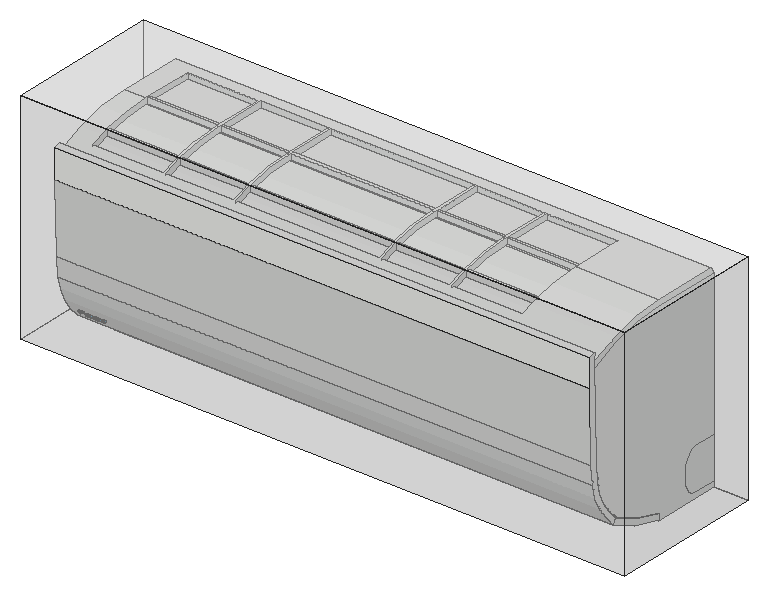
Revit family "outputfile", category 機械設備, Revit 2024
Family settings
  丸型コネクタ寸法 = 半径を使用
  パーツ タイプ = 標準
  OmniClass 番号 = 23.75.10.24.21.27.27
  OmniClass タイトル = Split System Air Conditioning Units
  作業面ベース = いいえ
  常に垂直 = はい
  ロード時にボイドで切り取り = いいえ
  注釈の向きを維持 = いいえ
  共有 = いいえ
  部屋計算ポイント = いいえ
Parameters (values of type "CTKP50VVMG")
  Description = ""
  書き出し IFC クラス(タイプ) = "IfcUnitaryEquipmentType"
  定義済み IFC タイプ(タイプ) = "AIRCONDITIONINGUNIT"
  Cost = 0
  Type Comments = ""
  Keynote = ""
  Type Image = (empty or 0)
  Assembly Code = ""
  w_wall hole = if(Width = 770.0 mm, 48.0 mm, 60.0 mm)  # 48.0 mm
  製造元 = "Daikin"
  モデル = "CTKP50VVMG"
  switch_frequency = yes
  r_Liquid Pipe Size = Liquid Pipe Size / 2  # 3.2 mm
  r_Gas Pipe Size = Gas Pipe Size / 2  # 6.35 mm
  r_Drain Pipe Size = Drain Pipe Size / 2  # 8.0 mm
  lw_powersupply [instance] = if(Width = 770.0 mm, if(or(Rear Right Connection_refrigerant, Bottom Right Connection_refrigerant), 25.0 mm, if(or(Rear Left Connection_refrigerant, Bottom Left Connection_refrigerant), 745.0 mm, 400.0 mm)), if(Width = 990.0 mm, if(or(Rear Right Connection_refrigerant, Bottom Right Connection_refrigerant), 40.0 mm, if(or(Rear Left Connection_refrigerant, Bottom Left Connection_refrigerant), 920.0 mm, 400.0 mm)), if(or(Rear Right Connection_refrigerant, Bottom Right Connection_refrigerant), 40.0 mm, if(or(Rear Left Connection_refrigerant, Bottom Left Connection_refrigerant), 920.0 mm, 400.0 mm))))  # 400.0 mm
  lw_liquidpipe [instance] = if(Width = 770.0 mm, if(or(Rear Right Connection_refrigerant, Bottom Right Connection_refrigerant), 0.0 mm, if(or(Rear Left Connection_refrigerant, Bottom Left Connection_refrigerant), 664.0 mm, 385.0 mm)), if(Width = 990.0 mm, if(or(Rear Right Connection_refrigerant, Bottom Right Connection_refrigerant), 0.0 mm, if(or(Rear Left Connection_refrigerant, Bottom Left Connection_refrigerant), 664.0 mm + (990.0 mm - 770.0 mm), 475.0 mm)), if(or(Rear Right Connection_refrigerant, Bottom Right Connection_refrigerant), 0.0 mm, if(or(Rear Left Connection_refrigerant, Bottom Left Connection_refrigerant), 664.0 mm + (990.0 mm - 770.0 mm), 475.0 mm))))  # 385.0 mm
  lw_gaspipe [instance] = if(Width = 770.0 mm, if(or(Rear Right Connection_refrigerant, Bottom Right Connection_refrigerant), 0.0 mm, if(or(Rear Left Connection_refrigerant, Bottom Left Connection_refrigerant), 675.0 mm, if(Gas Pipe Size = 12.7 mm, 345.0 mm, 335.0 mm))), if(Width = 990.0 mm, if(or(Rear Right Connection_refrigerant, Bottom Right Connection_refrigerant), 10.0 mm, if(or(Rear Left Connection_refrigerant, Bottom Left Connection_refrigerant), 890.0 mm, if(Gas Pipe Size = 15.9 mm, 400.0 mm, 400.0 mm))), if(or(Rear Right Connection_refrigerant, Bottom Right Connection_refrigerant), 10.0 mm, if(or(Rear Left Connection_refrigerant, Bottom Left Connection_refrigerant), 890.0 mm, if(Gas Pipe Size = 15.9 mm, 400.0 mm, 400.0 mm)))))  # 345.0 mm
  lw_drainpipe [instance] = if(Width = 770.0 mm, if(or(Rear Right Connection_refrigerant, Bottom Right Connection_refrigerant), 0.0 mm, if(or(Rear Left Connection_refrigerant, Bottom Left Connection_refrigerant), 770.0 mm - 48.0 mm - 48.0 mm, 440.0 mm)), if(Width = 990.0 mm, if(or(Rear Right Connection_refrigerant, Bottom Right Connection_refrigerant), 0.0 mm, if(or(Rear Left Connection_refrigerant, Bottom Left Connection_refrigerant), 675.0 mm + (990.0 mm - 770.0 mm), 435.0 mm)), if(or(Rear Right Connection_refrigerant, Bottom Right Connection_refrigerant), 0.0 mm, if(or(Rear Left Connection_refrigerant, Bottom Left Connection_refrigerant), 675.0 mm + (990.0 mm - 770.0 mm), 435.0 mm))))  # 440.0 mm
  l_powersupply_length [instance] = if(Width = 770.0 mm, if(Right Connection_refrigerant, 400.0 mm, if(Left Connection_refrigerant, 770.0 mm - 400.0 mm, if(or(Rear Left Connection_refrigerant, Rear Right Connection_refrigerant), 15.0 mm, 50.0 mm))), if(Width = 990.0 mm, if(Right Connection_refrigerant, 400.0 mm, if(Left Connection_refrigerant, 990.0 mm - 400.0 mm, if(or(Rear Left Connection_refrigerant, Rear Right Connection_refrigerant), 15.0 mm, 50.0 mm))), if(Right Connection_refrigerant, 400.0 mm, if(Left Connection_refrigerant, 990.0 mm - 400.0 mm, if(or(Rear Left Connection_refrigerant, Rear Right Connection_refrigerant), 15.0 mm, 50.0 mm)))))  # 400.0 mm
  l_liquidpipe_length [instance] = if(Width = 770.0 mm, if(Right Connection_refrigerant, 433.0 mm, if(Left Connection_refrigerant, 337.0 mm, if(or(Rear Left Connection_refrigerant, Rear Right Connection_refrigerant), 30.0 mm, 40.0 mm))), if(Width = 990.0 mm, if(Right Connection_refrigerant, 535.0 mm, if(Left Connection_refrigerant, 455.0 mm, if(or(Rear Left Connection_refrigerant, Rear Right Connection_refrigerant), 30.0 mm, 40.0 mm))), if(Right Connection_refrigerant, 535.0 mm, if(Left Connection_refrigerant, 455.0 mm, if(or(Rear Left Connection_refrigerant, Rear Right Connection_refrigerant), 30.0 mm, 40.0 mm)))))  # 433.0 mm
  l_gaspipe_length [instance] = if(Width = 770.0 mm, if(Right Connection_refrigerant, if(Gas Pipe Size = 12.7 mm, 393.0 mm, 383.0 mm), if(Left Connection_refrigerant, if(Gas Pipe Size = 12.7 mm, 770.0 mm - 393.0 mm, 770.0 mm - 383.0 mm), if(or(Rear Left Connection_refrigerant, Rear Right Connection_refrigerant), 40.0 mm, 50.0 mm))), if(Width = 990.0 mm, if(Right Connection_refrigerant, if(Gas Pipe Size = 15.9 mm, 460.0 mm, 460.0 mm), if(Left Connection_refrigerant, if(Gas Pipe Size = 15.9 mm, 990.0 mm - 460.0 mm, 990.0 mm - 460.0 mm), if(or(Rear Left Connection_refrigerant, Rear Right Connection_refrigerant), 40.0 mm, 50.0 mm))), if(Right Connection_refrigerant, if(Gas Pipe Size = 15.9 mm, 460.0 mm, 460.0 mm), if(Left Connection_refrigerant, if(Gas Pipe Size = 15.9 mm, 990.0 mm - 460.0 mm, 990.0 mm - 460.0 mm), if(or(Rear Left Connection_refrigerant, Rear Right Connection_refrigerant), 40.0 mm, 50.0 mm)))))  # 393.0 mm
  l_drainpipe_length [instance] = if(Width = 770.0 mm, if(Right Connection_refrigerant, 488.0 mm, if(Left Connection_refrigerant, 282.0 mm, if(or(Rear Left Connection_refrigerant, Rear Right Connection_refrigerant), 15.0 mm, 20.0 mm))), if(Width = 990.0 mm, if(Right Connection_refrigerant, 495.0 mm, if(Left Connection_refrigerant, 495.0 mm, if(or(Rear Left Connection_refrigerant, Rear Right Connection_refrigerant), 15.0 mm, 20.0 mm))), if(Right Connection_refrigerant, 495.0 mm, if(Left Connection_refrigerant, 495.0 mm, if(or(Rear Left Connection_refrigerant, Rear Right Connection_refrigerant), 15.0 mm, 20.0 mm)))))  # 488.0 mm
  h*** = 0.0 mm  # constant formula
  connector_voltage = Voltage_50Hz  # 230 V
  connector_powerinput = [Power Input (Cooling)]  # 0.000 kW
  connector_phase = Phase_50Hz  # 1
  angle_vertical [instance] = if(or(Bottom Left Connection_refrigerant, Bottom Right Connection_refrigerant), 0.00°, 90.00°)  # 90.00°
  angle_horizontal [instance] = if(Right Connection_refrigerant, 90.00°, if(Left Connection_refrigerant, -90.00°, if(or(Rear Left Connection_refrigerant, Rear Right Connection_refrigerant), 180.00°, 0.00°)))  # 90.00°
  Width = 770.0 mm
  Voltage_comment_50Hz = "220 - 240"
  Voltage_50Hz = 230 V
  Version = "ver.1.0"
  Unit Type = "Wall Mounted"
  Unit Mass Weight = 9.00 kg
  Unit Designation [instance] = ""
  Uniclass2015Version = "Products v1.30"
  Uniclass2015Title = "Split coil room air conditioning units"
  Uniclass2015Code = "Pr_70_65_03_86"
  URL = ""
  Total Cooling Capacity [instance] = 0.000 kW
  Sound Pressure Level_M speed (dBA) = 40
  Sound Pressure Level_L speed (dBA) = 35
  Sound Pressure Level_H speed (dBA) = 45
  Sound Power Level_H speed (dB) = 0
  Series = "Multi Split_Fan Coil Unit"
  Sensible Cooling Capacity [instance] = 0.000 kW
  Refrigerant Type = "R32"
  Power Input (Cooling) = 0.000 kW
  Phase_50Hz = 1
  Option Accessory 3 [instance] = ""
  Option Accessory 2 [instance] = ""
  Option Accessory 1 [instance] = ""
  Nominal Cooling Capacity = 5.000 kW
  Minimum Circuit Amps_50Hz = 0.0 A
  Minimum Airflow = 504.00 m³/h
  Median Airflow = 600.00 m³/h
  Maximum Fuse Amps_50Hz = 0.0 A
  Maximum Airflow = 732.00 m³/h
  Material_Casing = DAIKIN_White_Casing_indoorunit
  Load Classification = HVAC
  Liquid Pipe Size = 6.4 mm
  Link_Nested Family [instance] = ""
  IfcVersion = ""
  IfcExportType = "AIRCONDITIONINGUNIT"
  IfcExportAs = "IfcUnitaryEquipmentType"
  Height = 285.0 mm
  Heat Exchanger Type = "Cross Fin Coil"
  Gas Pipe Size = 12.7 mm
  Frequency_50Hz = 50 Hz
  Fan Type = "Cross Flow Fan"
  Fan Drive = "Direct Drive"
  FCU Tag No. [instance] = ""
  Drain Pipe Size = 16.0 mm
  Design Supply Airflow [instance] = 0.00 m³/h
  Depth = 223.0 mm
  既定の高さ = 0.0 mm
  Cooling Entering Wet Bulb Temperature [instance] = 0.00 °C
  Cooling Entering Dry Bulb Temperature [instance] = 0.00 °C
  Cooling Ambient Wet Bulb Temperature [instance] = 0.00 °C
  Cooling Ambient Dry Bulb Temperature [instance] = 0.00 °C
  Clearance visibility [instance] = yes
  Clearance Top = 30.0 mm
  Clearance Right = 50.0 mm
  Clearance Rear = 0.0 mm
  Clearance Left = 50.0 mm
  Clearance Front = 0.0 mm
  Clearance Bottom = 0.0 mm
  Bottom Right Connection_refrigerant [instance] = no
  Bottom Left Connection_refrigerant [instance] = no
  Rear Right Connection_refrigerant [instance] = no
  Rear Left Connection_refrigerant [instance] = no
  Right Connection_refrigerant [instance] = yes
  Left Connection_refrigerant [instance] = no
Reference planes
  plane 1 "Back": y = 0
  plane 2: z = 0
  plane 3 "Center (Left/Right)": x = 0
  plane 4 "Center (Front/Back)": y = -111.5
  plane 5 "Front": y = -223
  plane 6 "Left": x = -385
  plane 7 "Right": x = 385
  plane 8 "Top": z = 0
  plane 9 "Bottom": z = -285
  plane 10: x = -435
  plane 11: x = 435
  plane 12: y = 0
  plane 13: y = -223
  plane 14: z = 30
  plane 15: z = -285
  plane 16 "lw_Piping and Wiring intake": x = 337
  plane 17 "lw_gaspipe": x = -8
  plane 18 "lw_liquidpipe": x = -48
  plane 19 "lw_drainpipe": x = -103
  plane 20 "lh_drainpipe": z = -265
  plane 21 "lh_liquidpipe": z = -245
  plane 22 "lh_gaspipe": z = -235
  plane 23 "ld_drainpipe": y = -15
  plane 24 "ld_liquidpipe": y = -30
  plane 25 "ld_gaspipe": y = -40
  plane 26 "lw_powersupply": x = -15
Dimensions and locks
  equal spacing: plane 6 "Left", plane 3 "Center (Left/Right)", plane 7 "Right"
  "Width": plane 6 "Left" to plane 7 "Right"
  equal spacing: plane 5 "Front", plane 4 "Center (Front/Back)", plane 1 "Back"
  "Depth": plane 5 "Front" to plane 1 "Back"
  "Height": plane 8 "Top" to plane 9 "Bottom"
  "Clearance Rear": plane 12 to plane 1 "Back"
  "Clearance Front": plane 13 to plane 5 "Front"
  "Clearance Top": plane 14 to plane 8 "Top"
  "Clearance Bottom": plane 9 "Bottom" to plane 15
  "w_wall hole": plane 16 "lw_Piping and Wiring intake" to plane 7 "Right"
  "lw_gaspipe": plane 17 "lw_gaspipe" to plane 16 "lw_Piping and Wiring intake"
  "lw_liquidpipe": plane 18 "lw_liquidpipe" to plane 16 "lw_Piping and Wiring intake"
  "lw_drainpipe": plane 19 "lw_drainpipe" to plane 16 "lw_Piping and Wiring intake"
  locked: plane 20 "lh_drainpipe" to plane 9 "Bottom" at 20
  locked: plane 21 "lh_liquidpipe" to plane 9 "Bottom" at 40
  locked: plane 22 "lh_gaspipe" to plane 9 "Bottom" at 50
  locked: plane 23 "ld_drainpipe" to plane 1 "Back" at 15
  locked: plane 1 "Back" to plane 24 "ld_liquidpipe" at 30
  locked: plane 1 "Back" to plane 25 "ld_gaspipe" at 40
  "lw_powersupply": plane 26 "lw_powersupply" to plane 7 "Right"
  "Clearance Left": plane 10 to plane 6 "Left"
  "Clearance Right": plane 7 "Right" to plane 11
  aligned and locked: level to plane 2
  aligned and locked: plane 12 to nested 1
  aligned and locked: nested 1 to plane 13
  aligned and locked: plane 10 to nested 1
  aligned and locked: plane 11 to nested 1
  aligned and locked: plane 15 to nested 1
  aligned and locked: plane 14 to nested 1
  aligned and locked: plane 17 "lw_gaspipe" to nested 2
  aligned and locked: nested 2 to plane 25 "ld_gaspipe"
  aligned and locked: plane 18 "lw_liquidpipe" to nested 3
  aligned and locked: nested 3 to plane 24 "ld_liquidpipe"
  aligned and locked: plane 19 "lw_drainpipe" to nested 4
  aligned and locked: nested 4 to plane 23 "ld_drainpipe"
  aligned and locked: nested 5 to plane 23 "ld_drainpipe"
  aligned and locked: plane 26 "lw_powersupply" to nested 5
  aligned and locked: level to plane 8 "Top"
  aligned and locked: plane 3 "Center (Left/Right)" to nested 6
  aligned and locked: plane 1 "Back" to nested 6
  aligned and locked: plane 8 "Top" to nested 6
Nested families
  nested 1: "daikin_clearancespace" at (0, -111.5, -127.381), show <- "Clearance visibility", visible <- "Clearance visibility", Link_Nested Family <- "Link_Nested Family", type "daikin_clearancespace"
    with width 870.0 mm, show yes, height 315.0 mm, depth 223.0 mm, Link_Nested Family ""
  nested 2: "daikin_connector_rotate3" at (-8, -40, -235), angle_vertical <- "angle_vertical", angle_horizontal <- "angle_horizontal", length <- "l_gaspipe_length", radius <- "r_Gas Pipe Size", type "daikin_connector_rotate3"
    with show no, radius 6.35 mm, length 393.0 mm, angle_vertical 90.00°, angle_horizontal 90.00°
  nested 3: "daikin_connector_rotate3" at (-48, -30, -245), angle_vertical <- "angle_vertical", angle_horizontal <- "angle_horizontal", radius <- "r_Liquid Pipe Size", length <- "l_liquidpipe_length", type "daikin_connector_rotate3"
    with show no, radius 3.2 mm, length 433.0 mm, angle_vertical 90.00°, angle_horizontal 90.00°
  nested 4: "daikin_connector_rotate3" at (-103, -15, -265), angle_vertical <- "angle_vertical", angle_horizontal <- "angle_horizontal", length <- "l_drainpipe_length", radius <- "r_Drain Pipe Size", type "daikin_connector_rotate3"
    with show no, radius 8.0 mm, length 488.0 mm, angle_vertical 90.00°, angle_horizontal 90.00°
  nested 5: "daikin_connector_rotate3" at (-15, -15, -235), angle_vertical <- "angle_vertical", angle_horizontal <- "angle_horizontal", length <- "l_powersupply_length", type "daikin_connector_rotate3"
    with show no, radius 10.0 mm, length 400.0 mm, angle_vertical 90.00°, angle_horizontal 90.00°
  nested 6: "DAIKIN_indoorunit_CTKP-VVMG" at (-31, 0, 0), type "CTKP-VVMG"
Connectors
  piping at (385, -40, -235), diameter 12.7, driven by "r_Gas Pipe Size"
    settings: on nested 2, index 1, connector inside diameter 609.6 mm, connector length 0.0 mm, flow factor 0, pipe flow 0.00 m³/h, pressure drop 0.0 Pa, fitting loss kfactor 0, connector angle 0.00°, fixture units 0, engagement length 0.0 mm, angle of deflection 0.00°, flow configuration 1, flow direction 2, fitting loss method 0, system type 29, joint type 0, gender type 0, connector reference index -1, connector utility 0, adjustable connector no, is connector primary yes, connector description "Refrigerant Gas Piping"
  piping at (385, -30, -245), diameter 6.4, driven by "r_Liquid Pipe Size"
    settings: on nested 3, index 2, connector inside diameter 609.6 mm, connector length 0.0 mm, flow factor 0, pipe flow 0.00 m³/h, pressure drop 0.0 Pa, fitting loss kfactor 0, connector angle 0.00°, fixture units 0, engagement length 0.0 mm, angle of deflection 0.00°, flow configuration 1, flow direction 1, fitting loss method 0, system type 29, joint type 0, gender type 0, connector reference index -1, connector utility 0, adjustable connector no, is connector primary no, connector description "Refrigerant Liquid Piping"
  piping at (385, -15, -265), diameter 16, driven by "r_Drain Pipe Size"
    settings: on nested 4, index 3, connector inside diameter 609.6 mm, connector length 0.0 mm, flow factor 0, pipe flow 0.00 m³/h, pressure drop 0.0 Pa, fitting loss kfactor 0, connector angle 0.00°, fixture units 0, engagement length 0.0 mm, angle of deflection 0.00°, flow configuration 1, flow direction 2, fitting loss method 4, system type 16, joint type 0, gender type 0, connector reference index -1, connector utility 0, adjustable connector no, is connector primary no, connector description "Condensate Drain Piping"
  electrical at (385, -15, -235), driven by "Load Classification", driven by "connector_powerinput", driven by "connector_voltage", driven by "connector_phase"
    settings: on nested 5, index 4, voltage 230 V, apparent load 0 VA, apparent load phase1 0 VA, apparent load phase2 0 VA, apparent load phase3 0 VA, power factor 1, load classification "HVAC", number of poles 1, system type 30, power factor state 1, is connector primary yes, connector utility no, sub classification motor no, connector description "Power Supply"
Definition of nested family "daikin_clearancespace"
  Parameters (values of type "daikin_clearancespace")
    Description = "daikin_clearancespace"
    width [instance] = 1823.963 mm
    show [instance] = yes
    material = none
    height [instance] = 1359.762 mm
    depth [instance] = 880.0 mm
    Default Elevation = 0.0 mm
    Link_Nested Family [instance] = ""
  Reference planes
    plane 1 "Center (Front/Back)": y = 0
    plane 2 "Center (Elevation)": z = -0.119
    plane 3 "Center (Left/Right)": x = 0
    plane 4: y = 440
    plane 5: y = -440
    plane 6 "Right": x = 911.982
    plane 7 "Left": x = -911.982
    plane 8 "Top": z = 679.762
    plane 9 "Bottom": z = -680
  Forms (mm)
    Extrusion 1, solid, material <- "material", visible <- "show"
      sketch origin (0, 0, 0) x (1, 0, 0) y (0, 1, 0)
        loop
          line (-911.982, 440) -> (-911.982, -440) -> (911.982, -440) -> (911.982, 440) -> (-911.982, 440)
      from -680 to 679.762
  Lines and regions (mm)
    symbolic lines, visible <- "show"
      curve 1: line (911.982, 440, 0) -> (-911.982, 440, 0)
      curve 2: line (-911.982, 440, 0) -> (-911.982, -440, 0)
      curve 3: line (-911.982, -440, 0) -> (911.982, -440, 0)
      curve 4: line (911.982, -440, 0) -> (911.982, 440, 0)
      curve 5: line (911.982, 0, 679.762) -> (-911.982, 0, 679.762)
      curve 6: line (911.982, 0, -680) -> (911.982, 0, 679.762)
      curve 7: line (-911.982, 0, -680) -> (911.982, 0, -680)
      curve 8: line (-911.982, 0, 679.762) -> (-911.982, 0, -680)
      curve 9: line (0, 440, 679.762) -> (0, -440, 679.762)
      curve 10: line (0, -440, 679.762) -> (0, -440, -680)
      curve 11: line (0, 440, -680) -> (0, 440, 679.762)
      curve 12: line (0, -440, -680) -> (0, 440, -680)
  Dimensions and locks
    "width": plane 7 "Left" to plane 6 "Right"
    "depth": plane 4 to plane 5
    "height": plane 8 "Top" to plane 9 "Bottom"
    equal spacing: plane 7 "Left", plane 3 "Center (Left/Right)", plane 6 "Right"
    equal spacing: plane 4, plane 1 "Center (Front/Back)", plane 5
    equal spacing: plane 8 "Top", plane 2 "Center (Elevation)", plane 9 "Bottom"
    aligned and locked: level to plane 2 "Center (Elevation)"
    aligned and locked: Extrusion 1 sketch curve to plane 4
    aligned and locked: plane 7 "Left" to Extrusion 1 sketch curve
    aligned and locked: Extrusion 1 sketch curve to plane 5
    aligned and locked: Extrusion 1 sketch curve to plane 6 "Right"
    aligned and locked: plane 8 "Top" to Extrusion 1
    aligned and locked: curve 1 to Extrusion 1
    aligned and locked: curve 2 to Extrusion 1
    aligned and locked: curve 3 to Extrusion 1
    aligned and locked: curve 4 to Extrusion 1
    aligned and locked: curve 5 to Extrusion 1
    aligned and locked: curve 6 to Extrusion 1
    aligned and locked: curve 7 to Extrusion 1
    aligned and locked: curve 8 to Extrusion 1
    aligned and locked: curve 9 to Extrusion 1
    aligned and locked: curve 10 to Extrusion 1
    aligned and locked: curve 11 to Extrusion 1
    aligned and locked: curve 12 to Extrusion 1
    aligned and locked: Extrusion 1 to plane 9 "Bottom"
Definition of nested family "DAIKIN_indoorunit_CTKP-VVMG"
  Parameters (values of type "CTKP-VVMG")
    switch_unit1_60 = Width = 990.0 mm  # no
    switch_unit1_25-50 = Width = 770.0 mm  # yes
    Width = 770.0 mm
    WALL HOLE-R = if(Width = 770.0 mm, 48.0 mm, 60.0 mm)  # 48.0 mm
    WALL HOLE Size = if(Width = 770.0 mm, 65.0 mm, 80.0 mm)  # 65.0 mm
    Material_Casing = none
    Height = if(Width = 770.0 mm, 285.0 mm, 295.0 mm)  # 285.0 mm
    Default Elevation = 0.0 mm
  Reference planes
    plane 1 "Center (Front/Back)": y = 0
    plane 2 "reference_level": z = 0
    plane 3 "Center (Left/Right)": x = 31
    plane 4: x = -354
    plane 5: x = 416
    plane 6: z = -285
  Forms (mm)
    Extrusion 1, solid, material <- "Material_Casing", visible <- "switch_unit1_25-50"
      sketch origin (29, 0, 0) x (0, 1, 0) y (0, 0, 1)
        loop
          line (-5, 0) -> (-98, 0)
          arc (-98, 0) -> (-157.611, -7.211) -> (-213.783, -28.427) r 250
          arc (-213.783, -28.427) -> (-213.842, -32.972) -> (-213.892, -37.516) r 2191
          arc (-213.892, -37.516) -> (-157.832, -15.495) -> (-98.07, -8) r 242
          line (-98.07, -8) -> (0, -8) -> (-5, 0)
      from -383 to 387
    Extrusion 2, solid, material <- "Material_Casing", visible <- "switch_unit1_25-50"
      sketch origin (416, 1296.25, 1200) x (0, 1, 0) y (0, 0, 1)
        loop
          line (-1472.998, -1446.91) -> (-1476.998, -1453.839)
          arc (-1476.998, -1453.839) -> (-1437.481, -1472.422) -> (-1395.25, -1483.538) r 240
          line (-1395.25, -1483.538) -> (-1395.25, -1475.422)
          arc (-1395.25, -1475.422) -> (-1435.407, -1464.663) -> (-1472.998, -1446.91) r 232
      from 0 to -47.5
    Extrusion 3, solid, material <- "Material_Casing", visible <- "switch_unit1_25-50"
      sketch origin (29, 0, 0) x (0, 1, 0) y (0, 0, 1)
        loop
          arc (-223, -60.455) -> (-222.414, -110.646) -> (-220.656, -160.81) r 2149.92
          arc (-220.656, -160.81) -> (-219.65, -174.299) -> (-217.853, -187.706) r 229.911
          arc (-217.853, -187.706) -> (-205.371, -223.594) -> (-181.517, -253.17) r 111
          line (-181.517, -253.17) -> (-177.429, -246.093)
          arc (-177.429, -246.093) -> (-198.77, -218.989) -> (-209.965, -186.36) r 103
          arc (-209.965, -186.36) -> (-211.681, -173.586) -> (-212.651, -160.735) r 221.844
          arc (-212.651, -160.735) -> (-214.739, -93.233) -> (-214.74, -25.699) r 2186.828
          arc (-214.74, -25.699) -> (-214.671, -21.467) -> (-214.594, -17.235) r 2192
          line (-214.594, -17.235) -> (-223, -19.961) -> (-223, -60.455)
      from -383 to 387
    Extrusion 4, solid, material <- "Material_Casing", visible <- "switch_unit1_25-50"
      sketch origin (29, 0, -20) x (0, 1, 0) y (0, 0, 1)
        loop
          line (0, -265) -> (0, 12) -> (-98.07, 12)
          arc (-98.07, 12) -> (-157.832, 4.505) -> (-213.892, -17.516) r 242
          arc (-213.892, -17.516) -> (-213.638, -79.114) -> (-211.653, -140.681) r 2191
          arc (-211.653, -140.681) -> (-210.685, -153.501) -> (-208.973, -166.243) r 221
          arc (-208.973, -166.243) -> (-197.471, -199.282) -> (-175.482, -226.491) r 102
          arc (-175.482, -226.491) -> (-138.004, -244.019) -> (-98, -254.579) r 231
          line (-98, -254.579) -> (-98, -265) -> (0, -265)
      from -383 to 387
    Extrusion 5, solid, material <- "Material_Casing", visible <- "switch_unit1_25-50"
      sketch origin (-354, 1296.25, 1200) x (0, 1, 0) y (0, 0, 1)
        loop
          line (-1472.998, -1446.91) -> (-1476.998, -1453.839)
          arc (-1476.998, -1453.839) -> (-1437.481, -1472.422) -> (-1395.25, -1483.538) r 240
          line (-1395.25, -1483.538) -> (-1395.25, -1475.422)
          arc (-1395.25, -1475.422) -> (-1435.407, -1464.663) -> (-1472.998, -1446.91) r 232
      from 47 to 0
    Extrusion 6, solid, material <- "Material_Casing", visible <- "switch_unit1_25-50"
      sketch origin (416, 1296.25, 1200) x (0, 1, 0) y (0, 0, 1)
        loop
          line (-1472.998, -1446.91) -> (-1476.998, -1453.839)
          arc (-1476.998, -1453.839) -> (-1443.437, -1470.168) -> (-1407.75, -1481.097) r 240
          line (-1407.75, -1481.097) -> (-1407.75, -1472.894)
          arc (-1407.75, -1472.894) -> (-1441.363, -1462.385) -> (-1472.998, -1446.91) r 232
      from -116.993 to -48.493
    Extrusion 7, solid, material <- "Material_Casing", visible <- "switch_unit1_25-50"
      sketch origin (416, 1296.25, 1200) x (0, 1, 0) y (0, 0, 1)
        loop
          line (-1472.998, -1446.91) -> (-1476.998, -1453.839)
          arc (-1476.998, -1453.839) -> (-1443.437, -1470.168) -> (-1407.75, -1481.097) r 240
          line (-1407.75, -1481.097) -> (-1407.75, -1472.894)
          arc (-1407.75, -1472.894) -> (-1441.363, -1462.385) -> (-1472.998, -1446.91) r 232
      from -717 to -121.993
    Extrusion 8, void
      sketch origin (31, 0, -235) x (1, 0, 0) y (0, 1, 0)
        loop
          line (-252.674, -22.316) -> (-354.941, -22.316) -> (-354.941, -91.341) -> (-252.674, -91.341) -> (-252.674, -22.316)
        loop
          line (-249.341, -91.341) -> (-151.574, -91.341) -> (-151.574, -22.316) -> (-249.341, -22.316) -> (-249.341, -91.341)
        loop
          line (58.309, -22.316) -> (-148.309, -22.316) -> (-148.309, -91.341) -> (58.309, -91.341) -> (58.309, -22.316)
        loop
          line (61.689, -22.316) -> (61.689, -91.341) -> (159.457, -91.341) -> (159.457, -22.316) -> (61.689, -22.316)
        loop
          line (162.789, -22.316) -> (162.789, -91.341) -> (265.057, -91.341) -> (265.057, -22.316) -> (162.789, -22.316)
        loop
          line (-354.941, -94.659) -> (-354.941, -165.259) -> (-252.674, -165.259) -> (-252.674, -94.659) -> (-354.941, -94.659)
        loop
          line (-249.341, -94.659) -> (-249.341, -165.259) -> (-151.574, -165.259) -> (-151.574, -94.659) -> (-249.341, -94.659)
        loop
          line (-148.309, -94.659) -> (-148.309, -165.259) -> (58.309, -165.259) -> (58.309, -94.659) -> (-148.309, -94.659)
        loop
          line (61.689, -94.659) -> (61.689, -165.259) -> (159.457, -165.259) -> (159.457, -94.659) -> (61.689, -94.659)
        loop
          line (162.789, -94.659) -> (162.789, -165.259) -> (265.057, -165.259) -> (265.057, -94.659) -> (162.789, -94.659)
        loop
          line (-354.941, -167.382) -> (-354.941, -192.681) -> (-252.674, -192.681) -> (-252.674, -167.382) -> (-354.941, -167.382)
        loop
          line (-249.341, -167.382) -> (-249.341, -192.681) -> (-151.574, -192.681) -> (-151.574, -167.382) -> (-249.341, -167.382)
        loop
          line (-148.309, -167.382) -> (-148.309, -192.681) -> (58.309, -192.681) -> (58.309, -167.382) -> (-148.309, -167.382)
        loop
          line (159.457, -167.382) -> (61.689, -167.382) -> (61.689, -192.681) -> (159.457, -192.681) -> (159.457, -167.382)
        loop
          line (265.057, -167.382) -> (162.789, -167.382) -> (162.789, -192.681) -> (265.057, -192.681) -> (265.057, -167.382)
      from 201.638 to 250
    Extrusion 9, solid, material <- "Material_Casing"
      sketch origin (31, 0, 0) x (1, 0, 0) y (0, 0, 1)
        loop
          circle (337, -240.5) r 32.5
        loop
          circle (-337, -240.5) r 32.5
      from 0 to 5
    Extrusion 10, solid, material <- "Material_Casing", visible <- "switch_unit1_25-50"
      sketch origin (416, 1296.25, 1200) x (0, -1, 0) y (0, 0, 1)
        loop
          line (1326.25, -1417) -> (1296.25, -1417) -> (1296.25, -1477) -> (1326.25, -1477)
          arc (1326.25, -1477) -> (1340.393, -1471.142) -> (1346.25, -1457) r 20
          line (1346.25, -1457) -> (1346.25, -1437)
          arc (1346.25, -1437) -> (1340.393, -1422.858) -> (1326.25, -1417) r 20
      from 0 to 5
    Extrusion 11, solid, material <- "Material_Casing", visible <- "switch_unit1_25-50"
      sketch origin (-354, 1296.25, 1200) x (0, 1, 0) y (0, 0, 1)
        loop
          line (-1296.25, -1417) -> (-1326.25, -1417)
          arc (-1326.25, -1417) -> (-1340.393, -1422.858) -> (-1346.25, -1437) r 20
          line (-1346.25, -1437) -> (-1346.25, -1457)
          arc (-1346.25, -1457) -> (-1340.393, -1471.142) -> (-1326.25, -1477) r 20
          line (-1326.25, -1477) -> (-1296.25, -1477) -> (-1296.25, -1417)
      from 0 to 5
    Extrusion 12, solid, material <- "Material_Casing", visible <- "switch_unit1_25-50"
      sketch origin (31, 0, -285) x (-1, 0, 0) y (0, -1, 0)
        loop
          line (-314, 0) -> (-314, 30)
          arc (-314, 30) -> (-319.858, 44.142) -> (-334, 50) r 20
          line (-334, 50) -> (-354, 50)
          arc (-354, 50) -> (-368.142, 44.142) -> (-374, 30) r 20
          line (-374, 30) -> (-374, 0) -> (-314, 0)
        loop
          line (374, 0) -> (374, 30)
          arc (374, 30) -> (368.142, 44.142) -> (354, 50) r 20
          line (354, 50) -> (334, 50)
          arc (334, 50) -> (319.858, 44.142) -> (314, 30) r 20
          line (314, 30) -> (314, 0) -> (374, 0)
      from 0 to 5
    Extrusion 13, solid, material <- "Material_Casing", visible <- "switch_unit1_60"
      sketch origin (31, 0, 0) x (0, 1, 0) y (0, 0, 1)
        loop
          line (-5, 0) -> (-138, 0)
          arc (-138, 0) -> (-197.611, -7.211) -> (-253.783, -28.427) r 250
          arc (-253.783, -28.427) -> (-253.838, -32.687) -> (-253.886, -36.946) r 2191
          arc (-253.886, -36.946) -> (-197.73, -15.346) -> (-138.014, -8) r 246.393
          line (-138.014, -8) -> (0, -8) -> (-5, 0)
      from -495 to 495
    Extrusion 14, solid, material <- "Material_Casing", visible <- "switch_unit1_60"
      sketch origin (418, 1296.25, 1200) x (0, 1, 0) y (0, 0, 1)
        loop
          arc (-1515.208, -1454.149) -> (-1506.856, -1460.599) -> (-1497.925, -1466.219) r 110
          arc (-1497.925, -1466.219) -> (-1445.718, -1487.493) -> (-1389.844, -1494.995) r 223
          line (-1389.844, -1494.995) -> (-1389.844, -1486.086) -> (-1404.386, -1486.086)
          arc (-1404.386, -1486.086) -> (-1449.542, -1477.46) -> (-1491.818, -1459.402) r 214.289
          arc (-1491.818, -1459.402) -> (-1501.056, -1453.541) -> (-1509.606, -1446.715) r 101
          line (-1509.606, -1446.715) -> (-1515.208, -1454.149)
      from 108 to 57.5
    Extrusion 15, solid, material <- "Material_Casing", visible <- "switch_unit1_60"
      sketch origin (31, 0, 0) x (0, 1, 0) y (0, 0, 1)
        loop
          line (-263, -19.962) -> (-263, -61.6)
          arc (-263, -61.6) -> (-262.414, -110.219) -> (-260.656, -158.81) r 2017.341
          arc (-260.656, -158.81) -> (-255.648, -191.935) -> (-244.041, -223.362) r 164.725
          arc (-244.041, -223.362) -> (-233.569, -239.793) -> (-219.717, -253.495) r 87.379
          line (-219.717, -253.495) -> (-214.706, -246.846)
          arc (-214.706, -246.846) -> (-229.564, -230.029) -> (-240.385, -210.371) r 102
          arc (-240.385, -210.371) -> (-249.049, -182.962) -> (-252.848, -154.467) r 165.789
          arc (-252.848, -154.467) -> (-254.771, -90.102) -> (-254.74, -25.708) r 2122.533
          arc (-254.74, -25.708) -> (-254.671, -21.469) -> (-254.594, -17.23) r 2192
          line (-254.594, -17.23) -> (-263, -19.962)
      from -495 to 495
    Extrusion 16, void
      sketch origin (33, 0, 0) x (1, 0, 0) y (0, 1, 0)
        loop
          line (-466.909, -22.316) -> (-466.909, -111.341) -> (-366.303, -111.341) -> (-366.303, -22.316) -> (-466.909, -22.316)
        loop
          line (-362.71, -22.316) -> (-362.71, -111.341) -> (-262.103, -111.341) -> (-262.103, -22.316) -> (-362.71, -22.316)
        loop
          line (-258.51, -22.316) -> (-258.51, -111.341) -> (-157.904, -111.341) -> (-157.904, -22.316) -> (-258.51, -22.316)
        loop
          line (-154.31, -22.316) -> (-154.31, -111.341) -> (-53.704, -111.341) -> (-53.704, -22.316) -> (-154.31, -22.316)
        loop
          line (-50.11, -22.316) -> (-50.11, -111.341) -> (50.496, -111.341) -> (50.496, -22.316) -> (-50.11, -22.316)
        loop
          line (54.089, -22.316) -> (54.089, -111.341) -> (154.696, -111.341) -> (154.696, -22.316) -> (54.089, -22.316)
        loop
          line (158.289, -22.316) -> (158.289, -111.341) -> (258.895, -111.341) -> (258.895, -22.316) -> (158.289, -22.316)
        loop
          line (262.489, -22.316) -> (262.489, -111.341) -> (363.095, -111.341) -> (363.095, -22.316) -> (262.489, -22.316)
        loop
          line (-466.909, -114.459) -> (-466.909, -185.059) -> (-366.303, -185.059) -> (-366.303, -114.459) -> (-466.909, -114.459)
        loop
          line (-362.71, -114.459) -> (-362.71, -185.059) -> (-262.103, -185.059) -> (-262.103, -114.459) -> (-362.71, -114.459)
        loop
          line (-258.51, -114.459) -> (-258.51, -185.059) -> (-157.904, -185.059) -> (-157.904, -114.459) -> (-258.51, -114.459)
        loop
          line (-154.31, -114.459) -> (-154.31, -185.059) -> (-53.704, -185.059) -> (-53.704, -114.459) -> (-154.31, -114.459)
        loop
          line (-50.11, -114.459) -> (-50.11, -185.059) -> (50.496, -185.059) -> (50.496, -114.459) -> (-50.11, -114.459)
        loop
          line (54.089, -114.459) -> (54.089, -185.059) -> (154.696, -185.059) -> (154.696, -114.459) -> (54.089, -114.459)
        loop
          line (158.289, -114.459) -> (158.289, -185.059) -> (258.895, -185.059) -> (258.895, -114.459) -> (158.289, -114.459)
        loop
          line (262.489, -114.459) -> (262.489, -185.059) -> (363.095, -185.059) -> (363.095, -114.459) -> (262.489, -114.459)
        loop
          line (-466.909, -187.382) -> (-466.909, -232.681) -> (-366.303, -232.681) -> (-366.303, -187.382) -> (-466.909, -187.382)
        loop
          line (-362.71, -187.382) -> (-362.71, -232.681) -> (-262.103, -232.681) -> (-262.103, -187.382) -> (-362.71, -187.382)
        loop
          line (-258.51, -187.382) -> (-258.51, -232.681) -> (-157.904, -232.681) -> (-157.904, -187.382) -> (-258.51, -187.382)
        loop
          line (-154.31, -187.382) -> (-154.31, -232.681) -> (-53.704, -232.681) -> (-53.704, -187.382) -> (-154.31, -187.382)
        loop
          line (-50.11, -187.382) -> (-50.11, -232.681) -> (50.496, -232.681) -> (50.496, -187.382) -> (-50.11, -187.382)
        loop
          line (54.089, -187.382) -> (54.089, -232.681) -> (154.696, -232.681) -> (154.696, -187.382) -> (54.089, -187.382)
        loop
          line (158.289, -187.382) -> (158.289, -232.681) -> (258.895, -232.681) -> (258.895, -187.382) -> (158.289, -187.382)
        loop
          line (262.489, -187.382) -> (262.489, -232.681) -> (363.095, -232.681) -> (363.095, -187.382) -> (262.489, -187.382)
      from -40.013 to 47.268
    Extrusion 17, solid, material <- "Material_Casing", visible <- "switch_unit1_60"
      sketch origin (-356, 1296.25, 1200) x (0, 1, 0) y (0, 0, -1)
        loop
          line (-1515.208, 1454.149) -> (-1509.606, 1446.715)
          arc (-1509.606, 1446.715) -> (-1501.056, 1453.541) -> (-1491.818, 1459.402) r 101
          arc (-1491.818, 1459.402) -> (-1449.542, 1477.46) -> (-1404.386, 1486.086) r 214.289
          line (-1404.386, 1486.086) -> (-1389.844, 1486.086) -> (-1389.844, 1494.995)
          arc (-1389.844, 1494.995) -> (-1445.718, 1487.493) -> (-1497.925, 1466.219) r 223
          arc (-1497.925, 1466.219) -> (-1506.856, 1460.599) -> (-1515.208, 1454.149) r 110
      from 108 to 61
    Extrusion 18, solid, material <- "Material_Casing", visible <- "switch_unit1_60"
      sketch origin (418, 1296.25, 1200) x (0, 1, 0) y (0, 0, 1)
        loop
          arc (-1515.208, -1454.149) -> (-1506.856, -1460.599) -> (-1497.925, -1466.219) r 110
          arc (-1497.925, -1466.219) -> (-1463.185, -1482.066) -> (-1426.25, -1491.755) r 223
          line (-1426.25, -1491.755) -> (-1426.25, -1483.166)
          arc (-1426.25, -1483.166) -> (-1460.008, -1473.969) -> (-1491.818, -1459.402) r 214.289
          arc (-1491.818, -1459.402) -> (-1501.056, -1453.541) -> (-1509.606, -1446.715) r 101
          line (-1509.606, -1446.715) -> (-1515.208, -1454.149)
      from 56.5 to -36.993
    Extrusion 19, solid, material <- "Material_Casing", visible <- "switch_unit1_60"
      sketch origin (418, 1296.25, 1200) x (0, 1, 0) y (0, 0, 1)
        loop
          arc (-1426.25, -1483.166) -> (-1443.442, -1479.224) -> (-1460.25, -1473.881) r 214.289
          line (-1460.25, -1473.881) -> (-1460.25, -1483.089)
          arc (-1460.25, -1483.089) -> (-1443.421, -1488.091) -> (-1426.25, -1491.755) r 223
          line (-1426.25, -1491.755) -> (-1426.25, -1483.166)
      from -43.493 to -828.893
    Extrusion 20, solid, material <- "Material_Casing", visible <- "switch_unit1_60"
      sketch origin (418, 1296.25, 1200) x (0, 1, 0) y (0, 0, 1)
        loop
          arc (-1515.208, -1454.149) -> (-1506.856, -1460.599) -> (-1497.925, -1466.219) r 110
          arc (-1497.925, -1466.219) -> (-1479.479, -1475.527) -> (-1460.25, -1483.089) r 223
          line (-1460.25, -1483.089) -> (-1460.25, -1473.881)
          arc (-1460.25, -1473.881) -> (-1476.328, -1467.282) -> (-1491.818, -1459.402) r 214.289
          arc (-1491.818, -1459.402) -> (-1501.056, -1453.541) -> (-1509.606, -1446.715) r 101
          line (-1509.606, -1446.715) -> (-1515.208, -1454.149)
      from -43.493 to -828.893
    Extrusion 21, solid, material <- "Material_Casing", visible <- "switch_unit1_60"
      sketch origin (31, 0, -30) x (0, 1, 0) y (0, 0, 1)
        loop
          line (0, 22) -> (-138.014, 22)
          arc (-138.014, 22) -> (-197.73, 14.654) -> (-253.886, -6.946) r 246.393
          arc (-253.886, -6.946) -> (-253.682, -65.635) -> (-251.855, -124.295) r 2120.935
          arc (-251.855, -124.295) -> (-248.086, -152.682) -> (-239.461, -179.988) r 164.789
          arc (-239.461, -179.988) -> (-228.903, -199.231) -> (-214.437, -215.738) r 101
          line (-214.437, -215.738) -> (-212.406, -216.221)
          arc (-212.406, -216.221) -> (-204.07, -222.837) -> (-195.079, -228.53) r 100
          arc (-195.079, -228.53) -> (-145.557, -248.629) -> (-92.593, -255.785) r 213.289
          line (-92.593, -255.785) -> (-92.593, -265) -> (0, -265) -> (0, 22)
      from -495 to 495
    Extrusion 22, solid, material <- "Material_Casing", visible <- "switch_unit1_60"
      sketch origin (526, 1296.25, 1200) x (0, -1, 0) y (0, 0, 1)
        loop
          line (1326.25, -1427.035) -> (1296.25, -1427.035) -> (1296.25, -1487.035) -> (1326.25, -1487.035)
          arc (1326.25, -1487.035) -> (1340.393, -1481.177) -> (1346.25, -1467.035) r 20
          line (1346.25, -1467.035) -> (1346.25, -1447.035)
          arc (1346.25, -1447.035) -> (1340.393, -1432.892) -> (1326.25, -1427.035) r 20
      from 0 to 5
    Extrusion 23, solid, material <- "Material_Casing", visible <- "switch_unit1_60"
      sketch origin (-459, 1296.25, 1200) x (0, -1, 0) y (0, 0, 1)
        loop
          line (1326.25, -1427.035) -> (1296.25, -1427.035) -> (1296.25, -1487.035) -> (1326.25, -1487.035)
          arc (1326.25, -1487.035) -> (1340.393, -1481.177) -> (1346.25, -1467.035) r 20
          line (1346.25, -1467.035) -> (1346.25, -1447.035)
          arc (1346.25, -1447.035) -> (1340.393, -1432.892) -> (1326.25, -1427.035) r 20
      from 0 to 5
    Extrusion 24, solid, material <- "Material_Casing", visible <- "switch_unit1_60"
      sketch origin (31, 200, -295) x (-1, 0, 0) y (0, -1, 0)
        loop
          line (469, 200) -> (469, 230)
          arc (469, 230) -> (463.142, 244.142) -> (449, 250) r 20
          line (449, 250) -> (429, 250)
          arc (429, 250) -> (414.858, 244.142) -> (409, 230) r 20
          line (409, 230) -> (409, 200) -> (469, 200)
        loop
          line (-469, 200) -> (-409, 200) -> (-409, 230)
          arc (-409, 230) -> (-414.858, 244.142) -> (-429, 250) r 20
          line (-429, 250) -> (-449, 250)
          arc (-449, 250) -> (-463.142, 244.142) -> (-469, 230) r 20
          line (-469, 230) -> (-469, 200)
      from 0 to 5
  Cuts and joins
    Extrusion 8 cuts Extrusion 1
    Extrusion 16 cuts Extrusion 13
  Lines and regions (mm)
    reference lines
      curve 1: line (-523, -201.911, -229.404) -> (-523, -193.542, -239.977)
      curve 2: line (-523, -240.779, -229.404) -> (-523, -232.411, -239.977)
  Dimensions and locks
    locked: Extrusion 10 sketch curve to Extrusion 10 sketch curve at 60
    locked: Extrusion 10 sketch curve to Extrusion 10 sketch curve at 50
    locked: Extrusion 12 sketch curve to Extrusion 12 sketch curve at 60  (x2)
    locked: Extrusion 12 sketch curve to Extrusion 12 sketch curve at 50
    equal spacing: plane 5, plane 3 "Center (Left/Right)", plane 4
    "Width": plane 5 to plane 4
    locked: Extrusion 9 sketch curve to plane 4 at 48
    "WALL HOLE-R": plane 5 to Extrusion 9 sketch curve
    "Height": plane 2 "reference_level" to plane 6
    locked: Extrusion 9 sketch curve to plane 6 at 44.5  (x2)
    locked: Extrusion 15 to nested 2 at 15
    locked: Extrusion 22 sketch curve to Extrusion 22 sketch curve at 60
    locked: Extrusion 22 sketch curve to Extrusion 22 sketch curve at 50
    locked: Extrusion 23 sketch curve to Extrusion 23 sketch curve at 60
    locked: Extrusion 23 sketch curve to Extrusion 23 sketch curve at 50
    locked: Extrusion 24 sketch curve to Extrusion 24 sketch curve at 60  (x2)
    locked: Extrusion 24 sketch curve to Extrusion 24 sketch curve at 50  (x2)
    "WALL HOLE Size": diameter of Extrusion 9 sketch curve  (x2)
    aligned and locked: level to plane 2 "reference_level"
    aligned and locked: nested 1 to curve 1
    aligned and locked: Extrusion 11 sketch curve to Extrusion 10  (x4)
    aligned and locked: Extrusion 12 sketch curve to Extrusion 12 sketch curve  (x2)
    aligned and locked: Extrusion 9 to plane 1 "Center (Front/Back)"
    aligned and locked: nested 2 to curve 2
  Automatic sketch dimensions
    curve 1 to level = 239.977 mm
    plane 1 "Center (Front/Back)" to curve 1 = 193.542 mm
    curve 2 to curve 1 = 0.0 mm
    curve 2 to curve 2 = 10.573 mm
    curve 1 to curve 1 = 10.573 mm
    curve 1 to curve 1 = 8.368 mm
    curve 1 to curve 2 = 30.5 mm
    curve 2 to curve 2 = 8.368 mm
    Extrusion 1 sketch curve to level = 0.0 mm
    Extrusion 1 sketch curve to plane 1 "Center (Front/Back)" = 0.0 mm
    plane 1 "Center (Front/Back)" to Extrusion 1 sketch curve = 5.0 mm
    plane 1 "Center (Front/Back)" to Extrusion 1 sketch curve = 98.0 mm
    Extrusion 1 sketch curve to Extrusion 1 sketch curve = 0.07 mm
    Extrusion 1 sketch curve to level = 59.292 mm
    Extrusion 1 sketch curve to plane 1 "Center (Front/Back)" = 1977.0 mm
    Extrusion 1 sketch curve to level = 250.0 mm
    Extrusion 1 sketch curve to Extrusion 1 sketch curve = 0.0 mm
    Extrusion 1 sketch curve to level = 8.0 mm
    Extrusion 1 sketch curve to level = 28.427 mm
    plane 1 "Center (Front/Back)" to Extrusion 2 sketch curve = 180.748 mm
    Extrusion 2 sketch curve to Extrusion 2 sketch curve = 4.0 mm
    Extrusion 2 sketch curve to Extrusion 2 sketch curve = 77.747 mm
    plane 1 "Center (Front/Back)" to Extrusion 2 sketch curve = 59.279 mm
    Extrusion 2 sketch curve to Extrusion 2 sketch curve = 0.0 mm
    Extrusion 2 sketch curve to level = 283.538 mm
    Extrusion 2 sketch curve to Extrusion 2 sketch curve = 8.116 mm
    Extrusion 2 sketch curve to Extrusion 2 sketch curve = 21.583 mm
    Extrusion 2 sketch curve to Extrusion 2 sketch curve = 6.929 mm
    Extrusion 3 sketch curve to level = 19.961 mm
    plane 1 "Center (Front/Back)" to Extrusion 3 sketch curve = 223.0 mm
    Extrusion 3 sketch curve to level = 17.235 mm
    Extrusion 3 sketch curve to Extrusion 3 sketch curve = 8.406 mm
    plane 1 "Center (Front/Back)" to Extrusion 3 sketch curve = 181.517 mm
    Extrusion 3 sketch curve to Extrusion 3 sketch curve = 4.087 mm
    Extrusion 3 sketch curve to Extrusion 3 sketch curve = 69.11 mm
    Extrusion 3 sketch curve to Extrusion 3 sketch curve = 0.001 mm
    Extrusion 3 sketch curve to plane 1 "Center (Front/Back)" = 8.955 mm
    Extrusion 3 sketch curve to Extrusion 3 sketch curve = 0.067 mm
    Extrusion 3 sketch curve to level = 60.455 mm
    Extrusion 3 sketch curve to Extrusion 3 sketch curve = 1917.898 mm
    Extrusion 3 sketch curve to Extrusion 3 sketch curve = 44.907 mm
    Extrusion 3 sketch curve to Extrusion 3 sketch curve = 5.172 mm
    Extrusion 3 sketch curve to level = 150.456 mm
    Extrusion 3 sketch curve to Extrusion 3 sketch curve = 0.006 mm
    Extrusion 3 sketch curve to Extrusion 3 sketch curve = 19.265 mm
    Extrusion 3 sketch curve to Extrusion 3 sketch curve = 0.004 mm
    Extrusion 3 sketch curve to Extrusion 3 sketch curve = 76.368 mm
    Extrusion 3 sketch curve to Extrusion 3 sketch curve = 7.077 mm
    Extrusion 3 sketch curve to Extrusion 3 sketch curve = 1.002 mm
    Extrusion 3 sketch curve to Extrusion 3 sketch curve = 0.046 mm
    Extrusion 3 sketch curve to Extrusion 3 sketch curve = 8.005 mm
    Extrusion 3 sketch curve to Extrusion 3 sketch curve = 0.147 mm
    Extrusion 3 sketch curve to Extrusion 3 sketch curve = 0.0 mm
    Extrusion 4 sketch curve to plane 1 "Center (Front/Back)" = 0.0 mm
    plane 1 "Center (Front/Back)" to Extrusion 4 sketch curve = 59.278 mm
    Extrusion 4 sketch curve to Extrusion 4 sketch curve = 98.0 mm
    Extrusion 4 sketch curve to Extrusion 4 sketch curve = 0.0 mm  (x3)
    Extrusion 4 sketch curve to level = 8.0 mm
    Extrusion 4 sketch curve to Extrusion 4 sketch curve = 38.791 mm
    Extrusion 4 sketch curve to Extrusion 4 sketch curve = 10.249 mm
    Extrusion 4 sketch curve to plane 1 "Center (Front/Back)" = 9.11 mm
    Extrusion 4 sketch curve to level = 59.292 mm
    Extrusion 4 sketch curve to Extrusion 4 sketch curve = 1967.89 mm
    Extrusion 4 sketch curve to Extrusion 4 sketch curve = 142.454 mm
    Extrusion 4 sketch curve to Extrusion 4 sketch curve = 19.271 mm
    Extrusion 4 sketch curve to Extrusion 4 sketch curve = 80.275 mm
    Extrusion 4 sketch curve to Extrusion 4 sketch curve = 24.579 mm
    Extrusion 4 sketch curve to Extrusion 4 sketch curve = 10.421 mm
    Extrusion 4 sketch curve to level = 46.847 mm
    Extrusion 4 sketch curve to Extrusion 4 sketch curve = 77.412 mm
    Extrusion 4 sketch curve to Extrusion 4 sketch curve = 33.49 mm
    Extrusion 4 sketch curve to Extrusion 4 sketch curve = 2.68 mm
    plane 1 "Center (Front/Back)" to Extrusion 5 sketch curve = 180.748 mm
    Extrusion 5 sketch curve to Extrusion 5 sketch curve = 4.0 mm
    Extrusion 5 sketch curve to Extrusion 5 sketch curve = 77.747 mm
    plane 1 "Center (Front/Back)" to Extrusion 5 sketch curve = 59.279 mm
    Extrusion 5 sketch curve to Extrusion 5 sketch curve = 0.0 mm
    Extrusion 5 sketch curve to level = 283.538 mm
    Extrusion 5 sketch curve to Extrusion 5 sketch curve = 8.116 mm
    Extrusion 5 sketch curve to Extrusion 5 sketch curve = 21.583 mm
    Extrusion 5 sketch curve to Extrusion 5 sketch curve = 6.929 mm
    plane 1 "Center (Front/Back)" to Extrusion 6 sketch curve = 180.748 mm
    Extrusion 6 sketch curve to Extrusion 6 sketch curve = 4.0 mm
    Extrusion 6 sketch curve to Extrusion 6 sketch curve = 65.247 mm
    plane 1 "Center (Front/Back)" to Extrusion 6 sketch curve = 59.279 mm
    Extrusion 6 sketch curve to Extrusion 6 sketch curve = 0.0 mm
    Extrusion 6 sketch curve to level = 281.097 mm
    Extrusion 6 sketch curve to Extrusion 6 sketch curve = 8.203 mm
    Extrusion 6 sketch curve to Extrusion 6 sketch curve = 19.055 mm
    Extrusion 6 sketch curve to Extrusion 6 sketch curve = 6.929 mm
    plane 1 "Center (Front/Back)" to Extrusion 7 sketch curve = 180.748 mm
    Extrusion 7 sketch curve to Extrusion 7 sketch curve = 4.0 mm
    Extrusion 7 sketch curve to Extrusion 7 sketch curve = 65.247 mm
    plane 1 "Center (Front/Back)" to Extrusion 7 sketch curve = 59.279 mm
    Extrusion 7 sketch curve to Extrusion 7 sketch curve = 0.0 mm
    Extrusion 7 sketch curve to level = 281.097 mm
    Extrusion 7 sketch curve to Extrusion 7 sketch curve = 8.203 mm
    Extrusion 7 sketch curve to Extrusion 7 sketch curve = 19.055 mm
    Extrusion 7 sketch curve to Extrusion 7 sketch curve = 6.929 mm
    plane 1 "Center (Front/Back)" to Extrusion 8 sketch curve = 165.259 mm  (x2)
    Extrusion 8 sketch curve to plane 3 "Center (Left/Right)" = 354.941 mm
    plane 1 "Center (Front/Back)" to Extrusion 8 sketch curve = 22.316 mm  (x3)
    Extrusion 8 sketch curve to Extrusion 8 sketch curve = 0.0 mm  (x26)
    Extrusion 8 sketch curve to Extrusion 8 sketch curve = 102.268 mm  (x2)
    Extrusion 8 sketch curve to Extrusion 8 sketch curve = 3.332 mm  (x4)
    Extrusion 8 sketch curve to Extrusion 8 sketch curve = 97.768 mm  (x2)
    Extrusion 8 sketch curve to Extrusion 8 sketch curve = 3.264 mm  (x3)
    plane 3 "Center (Left/Right)" to Extrusion 8 sketch curve = 58.309 mm
    Extrusion 8 sketch curve to Extrusion 8 sketch curve = 3.38 mm  (x3)
    Extrusion 8 sketch curve to Extrusion 8 sketch curve = 2.124 mm  (x6)
    Extrusion 8 sketch curve to Extrusion 8 sketch curve = 25.299 mm  (x2)
    Extrusion 8 sketch curve to Extrusion 8 sketch curve = 70.6 mm
    Extrusion 8 sketch curve to Extrusion 8 sketch curve = 3.317 mm  (x4)
    Extrusion 10 sketch curve to plane 1 "Center (Front/Back)" = 0.0 mm
    Extrusion 10 sketch curve to Extrusion 10 sketch curve = 20.0 mm  (x2)
    Extrusion 10 sketch curve to level = 277.0 mm
    plane 1 "Center (Front/Back)" to Extrusion 12 sketch curve = 0.0 mm
    plane 3 "Center (Left/Right)" to Extrusion 12 sketch curve = 374.0 mm
    Extrusion 12 sketch curve to Extrusion 12 sketch curve = 20.0 mm  (x3)
    plane 1 "Center (Front/Back)" to Extrusion 12 sketch curve = 30.0 mm
    Extrusion 12 sketch curve to plane 3 "Center (Left/Right)" = 314.0 mm
    Extrusion 13 sketch curve to level = 0.0 mm
    Extrusion 13 sketch curve to plane 1 "Center (Front/Back)" = 0.0 mm
    plane 1 "Center (Front/Back)" to Extrusion 13 sketch curve = 5.0 mm
    Extrusion 13 sketch curve to Extrusion 13 sketch curve = 133.0 mm
    Extrusion 13 sketch curve to Extrusion 13 sketch curve = 0.013 mm
    Extrusion 13 sketch curve to level = 59.292 mm
    Extrusion 13 sketch curve to plane 1 "Center (Front/Back)" = 1937.0 mm
    Extrusion 13 sketch curve to Extrusion 13 sketch curve = 250.0 mm
    Extrusion 13 sketch curve to Extrusion 13 sketch curve = 4.393 mm
    Extrusion 13 sketch curve to level = 8.0 mm
    Extrusion 13 sketch curve to level = 28.427 mm
    plane 1 "Center (Front/Back)" to Extrusion 14 sketch curve = 218.957 mm
    Extrusion 14 sketch curve to Extrusion 14 sketch curve = 5.601 mm
    Extrusion 14 sketch curve to Extrusion 14 sketch curve = 65.735 mm
    Extrusion 14 sketch curve to Extrusion 14 sketch curve = 1.462 mm
    plane 1 "Center (Front/Back)" to Extrusion 14 sketch curve = 108.136 mm
    Extrusion 14 sketch curve to Extrusion 14 sketch curve = 14.543 mm
    plane 1 "Center (Front/Back)" to Extrusion 14 sketch curve = 92.093 mm
    Extrusion 14 sketch curve to Extrusion 14 sketch curve = 1.354 mm
    Extrusion 14 sketch curve to level = 294.995 mm
    Extrusion 14 sketch curve to Extrusion 14 sketch curve = 8.909 mm
    Extrusion 14 sketch curve to Extrusion 14 sketch curve = 31.937 mm
    Extrusion 14 sketch curve to Extrusion 14 sketch curve = 7.433 mm
    Extrusion 14 sketch curve to Extrusion 14 sketch curve = 75.403 mm
    Extrusion 14 sketch curve to Extrusion 14 sketch curve = 0.896 mm
    Extrusion 14 sketch curve to level = 72.504 mm
    Extrusion 14 sketch curve to Extrusion 14 sketch curve = 0.504 mm
    Extrusion 15 sketch curve to level = 19.962 mm
    plane 1 "Center (Front/Back)" to Extrusion 15 sketch curve = 263.0 mm
    Extrusion 15 sketch curve to level = 17.23 mm
    Extrusion 15 sketch curve to Extrusion 15 sketch curve = 8.406 mm
    Extrusion 15 sketch curve to Extrusion 15 sketch curve = 43.283 mm
    Extrusion 15 sketch curve to Extrusion 15 sketch curve = 5.011 mm
    Extrusion 15 sketch curve to Extrusion 15 sketch curve = 49.129 mm
    Extrusion 15 sketch curve to Extrusion 15 sketch curve = 19.417 mm
    Extrusion 15 sketch curve to Extrusion 15 sketch curve = 50.037 mm
    Extrusion 15 sketch curve to Extrusion 15 sketch curve = 8.89 mm
    Extrusion 15 sketch curve to level = 61.6 mm
    Extrusion 15 sketch curve to plane 1 "Center (Front/Back)" = 1754.341 mm
    Extrusion 15 sketch curve to level = 58.909 mm
    Extrusion 15 sketch curve to Extrusion 15 sketch curve = 113.192 mm
    Extrusion 15 sketch curve to Extrusion 15 sketch curve = 69.467 mm
    Extrusion 15 sketch curve to level = 146.886 mm
    Extrusion 15 sketch curve to Extrusion 15 sketch curve = 3.987 mm
    Extrusion 15 sketch curve to Extrusion 15 sketch curve = 20.44 mm
    Extrusion 15 sketch curve to Extrusion 15 sketch curve = 13.597 mm
    Extrusion 15 sketch curve to Extrusion 15 sketch curve = 61.936 mm
    Extrusion 15 sketch curve to Extrusion 15 sketch curve = 6.649 mm
    Extrusion 15 sketch curve to level = 59.438 mm
    Extrusion 15 sketch curve to Extrusion 15 sketch curve = 0.0 mm
    Extrusion 15 sketch curve to Extrusion 15 sketch curve = 0.147 mm
    Extrusion 15 sketch curve to Extrusion 15 sketch curve = 7.808 mm
    plane 1 "Center (Front/Back)" to Extrusion 16 sketch curve = 22.316 mm  (x6)
    Extrusion 16 sketch curve to plane 3 "Center (Left/Right)" = 464.909 mm
    Extrusion 16 sketch curve to Extrusion 16 sketch curve = 0.0 mm  (x27)
    Extrusion 16 sketch curve to Extrusion 16 sketch curve = 100.606 mm  (x7)
    Extrusion 16 sketch curve to Extrusion 16 sketch curve = 3.594 mm  (x16)
    Extrusion 16 sketch curve to plane 3 "Center (Left/Right)" = 51.704 mm
    plane 3 "Center (Left/Right)" to Extrusion 16 sketch curve = 52.496 mm  (x2)
    Extrusion 16 sketch curve to Extrusion 16 sketch curve = 89.026 mm  (x6)
    Extrusion 16 sketch curve to Extrusion 16 sketch curve = 3.117 mm  (x8)
    Extrusion 16 sketch curve to Extrusion 16 sketch curve = 70.6 mm  (x7)
    Extrusion 16 sketch curve to Extrusion 16 sketch curve = 2.324 mm  (x8)
    Extrusion 16 sketch curve to Extrusion 16 sketch curve = 45.299 mm  (x7)
    plane 1 "Center (Front/Back)" to Extrusion 17 sketch curve = 218.957 mm
    Extrusion 17 sketch curve to Extrusion 17 sketch curve = 5.601 mm
    Extrusion 17 sketch curve to Extrusion 17 sketch curve = 65.735 mm
    Extrusion 17 sketch curve to Extrusion 17 sketch curve = 1.462 mm
    plane 1 "Center (Front/Back)" to Extrusion 17 sketch curve = 108.136 mm
    Extrusion 17 sketch curve to Extrusion 17 sketch curve = 14.543 mm
    plane 1 "Center (Front/Back)" to Extrusion 17 sketch curve = 92.093 mm
    Extrusion 17 sketch curve to Extrusion 17 sketch curve = 1.354 mm
    Extrusion 17 sketch curve to level = 72.0 mm
    Extrusion 17 sketch curve to Extrusion 17 sketch curve = 0.504 mm
    Extrusion 17 sketch curve to Extrusion 17 sketch curve = 98.416 mm
    Extrusion 17 sketch curve to Extrusion 17 sketch curve = 0.896 mm
    Extrusion 17 sketch curve to Extrusion 17 sketch curve = 76.3 mm
    Extrusion 17 sketch curve to Extrusion 17 sketch curve = 7.433 mm
    Extrusion 17 sketch curve to Extrusion 17 sketch curve = 26.684 mm
    Extrusion 17 sketch curve to Extrusion 17 sketch curve = 8.909 mm
    plane 1 "Center (Front/Back)" to Extrusion 18 sketch curve = 218.957 mm
    Extrusion 18 sketch curve to Extrusion 18 sketch curve = 5.601 mm
    Extrusion 18 sketch curve to Extrusion 18 sketch curve = 65.735 mm
    Extrusion 18 sketch curve to Extrusion 18 sketch curve = 1.462 mm
    Extrusion 18 sketch curve to Extrusion 18 sketch curve = 83.356 mm
    plane 1 "Center (Front/Back)" to Extrusion 18 sketch curve = 92.093 mm
    Extrusion 18 sketch curve to Extrusion 18 sketch curve = 1.354 mm
    Extrusion 18 sketch curve to level = 291.755 mm
    Extrusion 18 sketch curve to Extrusion 18 sketch curve = 8.588 mm
    Extrusion 18 sketch curve to Extrusion 18 sketch curve = 29.018 mm
    Extrusion 18 sketch curve to Extrusion 18 sketch curve = 7.433 mm
    Extrusion 18 sketch curve to Extrusion 18 sketch curve = 75.403 mm
    Extrusion 18 sketch curve to Extrusion 18 sketch curve = 0.896 mm
    Extrusion 18 sketch curve to level = 72.504 mm
    Extrusion 18 sketch curve to Extrusion 18 sketch curve = 0.504 mm
    plane 1 "Center (Front/Back)" to Extrusion 19 sketch curve = 164.0 mm
    Extrusion 19 sketch curve to Extrusion 19 sketch curve = 34.0 mm
    plane 1 "Center (Front/Back)" to Extrusion 19 sketch curve = 92.093 mm
    Extrusion 19 sketch curve to Extrusion 19 sketch curve = 1.354 mm
    Extrusion 19 sketch curve to level = 291.755 mm
    Extrusion 19 sketch curve to Extrusion 19 sketch curve = 8.588 mm
    Extrusion 19 sketch curve to Extrusion 19 sketch curve = 0.077 mm
    Extrusion 19 sketch curve to Extrusion 19 sketch curve = 9.207 mm
    plane 1 "Center (Front/Back)" to Extrusion 20 sketch curve = 218.957 mm
    Extrusion 20 sketch curve to Extrusion 20 sketch curve = 5.601 mm
    Extrusion 20 sketch curve to Extrusion 20 sketch curve = 49.356 mm
    Extrusion 20 sketch curve to Extrusion 20 sketch curve = 65.735 mm
    Extrusion 20 sketch curve to Extrusion 20 sketch curve = 1.462 mm
    plane 1 "Center (Front/Back)" to Extrusion 20 sketch curve = 92.093 mm
    Extrusion 20 sketch curve to Extrusion 20 sketch curve = 1.354 mm
    Extrusion 20 sketch curve to level = 283.089 mm
    Extrusion 20 sketch curve to Extrusion 20 sketch curve = 9.207 mm
    Extrusion 20 sketch curve to Extrusion 20 sketch curve = 19.733 mm
    Extrusion 20 sketch curve to Extrusion 20 sketch curve = 7.433 mm
    Extrusion 20 sketch curve to Extrusion 20 sketch curve = 75.403 mm
    Extrusion 20 sketch curve to Extrusion 20 sketch curve = 0.896 mm
    Extrusion 20 sketch curve to level = 72.504 mm
    Extrusion 20 sketch curve to Extrusion 20 sketch curve = 0.504 mm
    Extrusion 21 sketch curve to Extrusion 21 sketch curve = 0.0 mm  (x4)
    Extrusion 21 sketch curve to plane 1 "Center (Front/Back)" = 0.0 mm
    plane 1 "Center (Front/Back)" to Extrusion 21 sketch curve = 87.233 mm
    Extrusion 21 sketch curve to Extrusion 21 sketch curve = 3.506 mm
    Extrusion 21 sketch curve to Extrusion 21 sketch curve = 92.593 mm
    Extrusion 21 sketch curve to Extrusion 21 sketch curve = 45.42 mm
    Extrusion 21 sketch curve to Extrusion 21 sketch curve = 58.927 mm
    Extrusion 21 sketch curve to Extrusion 21 sketch curve = 74.393 mm
    Extrusion 21 sketch curve to Extrusion 21 sketch curve = 2.031 mm
    Extrusion 21 sketch curve to level = 58.927 mm
    Extrusion 21 sketch curve to plane 1 "Center (Front/Back)" = 1866.935 mm
    Extrusion 21 sketch curve to level = 72.504 mm
    Extrusion 21 sketch curve to Extrusion 21 sketch curve = 74.381 mm
    Extrusion 21 sketch curve to Extrusion 21 sketch curve = 24.427 mm
    Extrusion 21 sketch curve to Extrusion 21 sketch curve = 74.426 mm
    Extrusion 21 sketch curve to Extrusion 21 sketch curve = 0.483 mm
    Extrusion 21 sketch curve to Extrusion 21 sketch curve = 4.137 mm
    Extrusion 21 sketch curve to Extrusion 21 sketch curve = 31.393 mm
    Extrusion 21 sketch curve to Extrusion 21 sketch curve = 9.215 mm
    Extrusion 21 sketch curve to level = 8.0 mm
    Extrusion 22 sketch curve to plane 1 "Center (Front/Back)" = 0.0 mm
